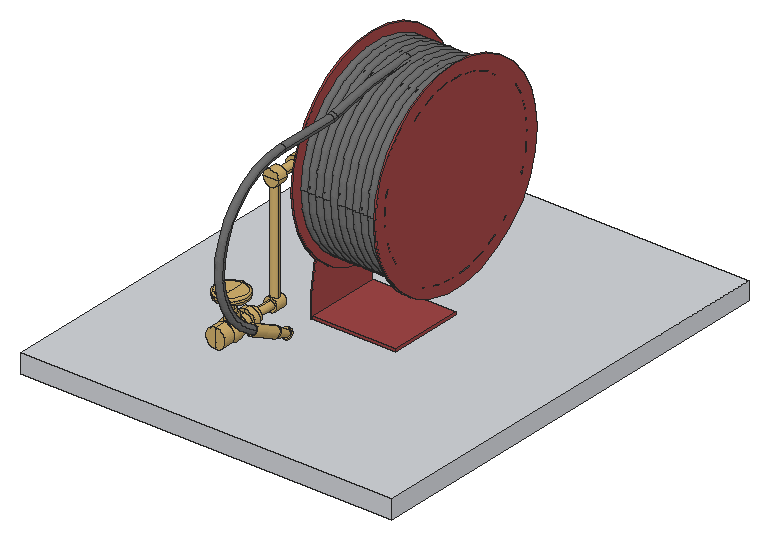
Revit family
Parameters (values of type "382663")
  URL = "www.galvinengineering.com.au"
  Type Comments = "382663"
  StyleOrType_ANZRS = "Fire Hose Reel"
  ModifiedIssue_ANZRS = 20120808.01  # constant formula
  Model = "382663"
  Manufacturer = "Galvin Engineering"
  Keynote = "10520"
  Instructions = "http://www.galvinengineering.com.au/Installation_Guides_1.aspx"
  FilterObject_ANZRS = "382663"
  EquipmentWeight(Kg) = 29.1  # constant formula
  DimWidth = 320 mm  # constant formula
  DimDiameter = 545 mm  # constant formula
  DimDepth = 590 mm  # constant formula
  Description = "G3 Swing Fire Hose Reel RH with Fixed Waterway 36 mtr"
  Default Elevation = 1500 mm
  CreatedBy_ANZRS = "Galvin Engineering"
  CreatedByURL_ANZRS = "www.galvinengineering.com.au"
  CreatedByPhoneNo_ANZRS = "61-8-92495900"
  Assembly Code = "D4030"
Types (3, lengths in mm): name | Type Comments | Model | FilterObject_ANZRS | Description
  (no name) | "382663" | "382663" | "382663" | "G3 Swing Fire Hose Reel RH with Fixed Waterway 36 mtr"
  382663 | "382663" | "382663" | "382663" | "G3 Swing Fire Hose Reel RH with Fixed Waterway 36 mtr"
  382739 | "382739" | "382739" | "382739" | "G4 Swing Fire Hose Reel LH with Fixed Waterway 36 mtr"
Reference planes
  plane 1 "Mounting Height": y = 0
  plane 2 "Face": z = 0
  plane 3 "Center (Left/Right)": x = 0
  plane 4 "Hose Left": x = -112.5
  plane 5 "Hose Right": x = 112.5
  plane 6 "Left": x = -207.5
  plane 7: z = 332.5
  plane 8: x = -167.5
  plane 9 "Hose Top": y = 272.5
  plane 10 "Hose Bottom": y = -272.5
  plane 11 "Front": z = 590
Forms (mm)
  Extrusion 1, solid
    sketch origin (0, 1030.8, 0) x (1, 0, 0) y (0, 1, 0)
      loop
        line (-500, -530.8) -> (-500, -1730.8) -> (500, -1730.8) -> (500, -530.8) -> (-500, -530.8)
    from 0 to -50
  Extrusion 2, solid, material "Metal_Fire-Fighting_Zincalume-Steel-Powder-Coated_15400"
    sketch origin (0, 0, 0) x (0, 1, 0) y (0, 0, 1)
      loop
        circle (0, 334.667) r 272.5
    from -112.5 to -108.5
  Extrusion 3, solid, material "Metal_Fire-Fighting_Zincalume-Steel-Powder-Coated_15400"
    sketch origin (0, 0, 0) x (0, 1, 0) y (0, 0, 1)
      loop
        circle (0, 334.667) r 272.5
    from 108.5 to 112.5
  Sweep 4, solid, material "Rubber_Fire-Fighting_Black_10800"
    path origin (0, 0, 0) x (0, 1, 0) y (0, 0, 1)
      loop
        circle (0, 334.667) r 240
    profile origin (0, 0, 574.667) x (0, 0, -1) y (1, 0, 0)
      loop
        circle (0, 0) r 10
  Sweep 5, solid, material "Rubber_Fire-Fighting_Black_10800"
    path origin (-20, 0, 0) x (0, 1, 0) y (0, 0, 1)
      loop
        arc (-64.936, 565.715) -> (32.775, 96.915) -> (0, 574.667) r 240
        arc (0, 574.667) -> (-123.809, 566.32) -> (-245.377, 541.429) r 922.364
        arc (-245.377, 541.429) -> (-251.511, 540.173) -> (-257.757, 539.752) r 46.536
        line (-257.757, 539.752) -> (-421.097, 539.752)
        arc (-421.097, 539.752) -> (-623.877, 381.446) -> (-519.507, 146.314) r 209.027
    profile origin (-20, 32.775, 96.915) x (0, -0.136563, 0.990631) y (1, 0, 0)
      loop
        circle (0, 0) r 10
  Sweep 6, solid, material "Rubber_Fire-Fighting_Black_10800"
    path origin (-40, 0, 0) x (0, 1, 0) y (0, 0, 1)
      loop
        circle (0, 334.667) r 240
    profile origin (-40, 0, 574.667) x (0, 0, -1) y (1, 0, 0)
      loop
        circle (0, 0) r 10
  Sweep 7, solid, material "Rubber_Fire-Fighting_Black_10800"
    path origin (-60, 0, 0) x (0, 1, 0) y (0, 0, 1)
      loop
        circle (0, 334.667) r 240
    profile origin (-60, 0, 574.667) x (0, 0, -1) y (1, 0, 0)
      loop
        circle (0, 0) r 10
  Sweep 8, solid, material "Rubber_Fire-Fighting_Black_10800"
    path origin (-80, 0, 0) x (0, 1, 0) y (0, 0, 1)
      loop
        circle (0, 334.667) r 240
    profile origin (-80, 0, 574.667) x (0, 0, -1) y (1, 0, 0)
      loop
        circle (0, 0) r 10
  Sweep 9, solid, material "Rubber_Fire-Fighting_Black_10800"
    path origin (-100, 0, 0) x (0, 1, 0) y (0, 0, 1)
      loop
        circle (0, 334.667) r 240
    profile origin (-100, 0, 574.667) x (0, 0, -1) y (1, 0, 0)
      loop
        circle (0, 0) r 10
  Sweep 10, solid, material "Rubber_Fire-Fighting_Black_10800"
    path origin (100, 0, 0) x (0, 1, 0) y (0, 0, 1)
      loop
        circle (0, 334.667) r 240
    profile origin (100, 0, 574.667) x (0, 0, -1) y (1, 0, 0)
      loop
        circle (0, 0) r 10
  Sweep 11, solid, material "Rubber_Fire-Fighting_Black_10800"
    path origin (80, 0, 0) x (0, 1, 0) y (0, 0, 1)
      loop
        circle (0, 334.667) r 240
    profile origin (80, 0, 574.667) x (0, 0, -1) y (1, 0, 0)
      loop
        circle (0, 0) r 10
  Sweep 12, solid, material "Rubber_Fire-Fighting_Black_10800"
    path origin (60, 0, 0) x (0, 1, 0) y (0, 0, 1)
      loop
        circle (0, 334.667) r 240
    profile origin (60, 0, 574.667) x (0, 0, -1) y (1, 0, 0)
      loop
        circle (0, 0) r 10
  Sweep 13, solid, material "Rubber_Fire-Fighting_Black_10800"
    path origin (40, 0, 0) x (0, 1, 0) y (0, 0, 1)
      loop
        circle (0, 334.667) r 240
    profile origin (40, 0, 574.667) x (0, 0, -1) y (1, 0, 0)
      loop
        circle (0, 0) r 10
  Sweep 14, solid, material "Rubber_Fire-Fighting_Black_10800"
    path origin (20, 0, 0) x (0, 1, 0) y (0, 0, 1)
      loop
        circle (0, 334.667) r 240
    profile origin (20, 0, 574.667) x (0, 0, -1) y (1, 0, 0)
      loop
        circle (0, 0) r 10
  Extrusion 15, solid, material "Metal_Fire-Fighting_Zincalume-Steel-Powder-Coated_15400"
    sketch origin (0, 0, 0) x (0, 1, 0) y (0, 0, 1)
      loop
        line (-187.728, 161.597) -> (-203.492, 59.962) -> (-203.492, 0) -> (0, 0) -> (0, 59.962) -> (-15.764, 161.597)
        arc (-15.764, 161.597) -> (-101.746, 247.579) -> (-187.728, 161.597) r 85.982
    from -112.5 to -115
  Extrusion 16, solid, material "Metal_Fire-Fighting_Zincalume-Steel-Powder-Coated_15400"
    sketch origin (0, 0, 0) x (0, 1, 0) y (0, 0, 1)
      loop
        line (-203.492, 8.146) -> (-203.492, 0) -> (0, 0) -> (0, 8.146) -> (-203.492, 8.146)
    from -112.5 to 112.5
  Revolve 17, solid, material "Metal_Fire-Fighting_Brass_15400"
    sketch origin (-187.792, 300.132, 121.748) x (0, 0, 1) y (0, 1, 0)
      loop
        line (-93.507, -733.52) -> (-93.507, -517.081) -> (-111.021, -517.081) -> (-111.021, -548.402) -> (-103.838, -548.402) -> (-103.838, -600.877) -> (-112.51, -600.877) -> (-112.51, -617.288) -> (-120.91, -617.288) -> (-120.91, -634.871) -> (-112.51, -634.871) -> (-112.51, -651.399) -> (-116.325, -656.004) -> (-116.325, -660.847)
        spline (-116.325, -660.847) -> (-117.888, -663.213) -> (-119.227, -666.026) -> (-120.308, -669.213) -> (-121.101, -672.688) -> (-121.585, -676.361) -> (-121.748, -680.132) -> (-121.585, -683.904) -> (-121.101, -687.576) -> (-120.308, -691.052) -> (-119.227, -694.238) -> (-117.888, -697.052) -> (-116.325, -699.418)
        line (-116.325, -699.418) -> (-116.325, -703.781) -> (-119.519, -703.781) -> (-119.519, -733.52) -> (-93.507, -733.52)
      axis (-93.507, -517.081) -> (-93.507, -733.52)
    angle from 0 to 360
  Revolve 18, solid, material "Metal_Fire-Fighting_Brass_15400"
    sketch origin (-187.792, 300.132, 121.748) x (0, 0, 1) y (0, 1, 0)
      loop
        line (-78.715, -663.201) -> (-78.715, -680) -> (1.056, -680) -> (1.056, -641.383)
        arc (1.056, -641.383) -> (-0.376, -637.927) -> (-3.832, -636.495) r 4.888
        line (-3.832, -636.495) -> (-9.768, -636.495)
        arc (-9.768, -636.495) -> (-13.224, -637.927) -> (-14.656, -641.383) r 4.888
        line (-14.656, -641.383) -> (-14.656, -654.124) -> (-21.751, -654.124) -> (-21.751, -674.085) -> (-42.739, -674.085) -> (-42.739, -668.713) -> (-51.673, -668.713) -> (-51.673, -663.201) -> (-78.715, -663.201)
      axis (-78.715, -680) -> (1.056, -680)
    angle from 0 to 360
  Sweep 19, solid, material "Metal_Fire-Fighting_Brass_15400"
    path origin (-192.092, 388.922, -50) x (1, 0, 0) y (0, 1, 0)
      loop
        line (79.592, -388.922) -> (35.852, -388.922)
        arc (35.852, -388.922) -> (12.8, -398.47) -> (3.252, -421.522) r 32.6
        line (3.252, -421.522) -> (3.252, -431.762)
    profile origin (-134.37, 0, -50) x (0, -1, 0) y (0, 0, 1)
      loop
        circle (0, 382.5) r 16.25
  Revolve 20, solid, material "Metal_Fire-Fighting_Brass_15400"
    sketch origin (-171.451, 536.788, 332.5) x (1, 0, 0) y (0, 1, 0)
      loop
        line (-16.341, -783.362) -> (-16.341, -579.629) -> (-36.657, -579.629) -> (-36.657, -707.261) -> (-27.025, -707.261) -> (-27.025, -756.644) -> (-37.208, -756.644) -> (-37.208, -783.362) -> (-16.341, -783.362)
      axis (-16.341, -579.629) -> (-16.341, -783.362)
    angle from 0 to 360
  Revolve 21, solid, material "Metal_Fire-Fighting_Brass_15400"
    sketch origin (-20, -751.623, 855.875) x (0, -0.889633, 0.456676) y (0, -0.456676, -0.889633)
      loop
        line (-530.537, 510.991) -> (-530.537, 525.247) -> (-663.049, 525.247) -> (-663.049, 512.027) -> (-660.07, 512.027) -> (-660.07, 517.129) -> (-619.632, 511.866) -> (-612.912, 511.866) -> (-612.912, 510.991) -> (-530.537, 510.991)
      axis (-530.537, 525.247) -> (-663.049, 525.247)
    angle from 0 to 360
  Extrusion 22, solid, material "Metal_Fire-Fighting_Brass_15400"
    sketch origin (0, -6.74, 0) x (1, 0, 0) y (0, 1, 0)
      loop
        circle (-187.792, -226.475) r 10.25
    from 28.24 to 332.5
Cuts and joins
  joined: Revolve 17, Revolve 18, Revolve 20, Extrusion 22
Lines and regions (mm)
  Split face 1
    outline origin (112.5, 0, 0) x (0, 1, 0) y (0, 0, 1)
      loop
        circle (0, 334.667) r 72.02
  Split face 2
    outline origin (-112.5, 0, 0) x (0, 1, 0) y (0, 0, -1)
      loop
        circle (0, -334.667) r 72.02
  symbolic lines, detail levels medium+fine
    curve 1: circle (0, 0, 334.667) r 255.333 normal (1, 0, 0)
    curve 8: circle (-188.014, -379.868, 121.748) r 29.627 normal (0, 0, 1)
    curve 9: line (0, -442.504, 115.942) -> (0, -515.787, 153.561)
    curve 10: line (0, -449.945, 101.448) -> (0, -523.228, 139.066)
    curve 11: circle (-188.014, -379.868, 121.748) r 5 normal (0, 0, 1)
  symbolic lines, detail levels fine
    curve 2: circle (0, -55.012, 429.951) r 6.11 normal (1, 0, 0)
    curve 3: circle (0, -110.025, 334.667) r 6.11 normal (1, 0, 0)
    curve 4: circle (0, -55.012, 239.382) r 6.11 normal (1, 0, 0)
    curve 5: circle (0, 55.012, 239.382) r 6.11 normal (1, 0, 0)
    curve 6: circle (0, 110.025, 334.667) r 6.11 normal (1, 0, 0)
    curve 7: circle (0, 55.012, 429.951) r 6.11 normal (1, 0, 0)
Dimensions and locks
  "DimWidth": plane 6 "Left" to plane 5 "Hose Right"
  locked: plane 8 to plane 5 "Hose Right" at 280
  "DimDiameter": plane 10 "Hose Bottom" to plane 9 "Hose Top"
  "DimDepth": plane 11 "Front" to plane 2 "Face"
  aligned and locked: plane 2 "Face" to Extrusion 1
  aligned and locked: Extrusion 1 to level
  aligned and locked: Extrusion 15 sketch curve to plane 2 "Face"
  aligned and locked: Extrusion 16 sketch curve to plane 2 "Face"
Automatic sketch dimensions
  curve 1 to plane 1 "Mounting Height" = 0 mm
  plane 1 "Mounting Height" to curve 2 = 55.012 mm
  plane 1 "Mounting Height" to curve 4 = 55.012 mm
  curve 3 to plane 7 = 2.167 mm
  plane 1 "Mounting Height" to curve 3 = 110.025 mm
  plane 10 "Hose Bottom" to curve 9 = 170.004 mm
  curve 10 to curve 9 = 7.441 mm  (x2)
  curve 9 to curve 9 = 73.283 mm
  curve 5 to plane 1 "Mounting Height" = 55.012 mm
  curve 7 to plane 1 "Mounting Height" = 55.012 mm
  curve 6 to plane 7 = 2.167 mm
  curve 1 to curve 6 = 110.025 mm
  plane 7 to curve 4 = 93.118 mm
  plane 7 to curve 5 = 93.118 mm
  level to curve 9 = 153.561 mm
  curve 10 to curve 9 = 14.495 mm  (x2)
  curve 9 to curve 9 = 37.618 mm
  curve 1 to plane 7 = 2.167 mm
  curve 2 to plane 7 = 97.451 mm
  curve 7 to plane 7 = 97.451 mm
  Extrusion 1 sketch curve to Extrusion 1 sketch curve = 1000 mm
  Extrusion 1 sketch curve to Extrusion 1 sketch curve = 1200 mm
  Extrusion 2 sketch curve to plane 1 "Mounting Height" = 0 mm
  Extrusion 2 sketch curve to plane 7 = 2.167 mm
  Extrusion 3 sketch curve to plane 1 "Mounting Height" = 0 mm
  Extrusion 3 sketch curve to plane 7 = 2.167 mm
  Sweep 4 sketch curve to plane 1 "Mounting Height" = 0 mm
  Sweep 4 sketch curve to plane 7 = 2.167 mm
  Sweep 4 sketch curve to plane 3 "Center (Left/Right)" = 0 mm
  Sweep 4 sketch curve to profile plane = 0 mm
  Sweep 5 sketch curve to plane 1 "Mounting Height" = 0 mm
  Sweep 5 sketch curve to plane 11 "Front" = 24.285 mm
  plane 1 "Mounting Height" to Sweep 5 sketch curve = 64.936 mm
  Sweep 5 sketch curve to plane 10 "Hose Bottom" = 27.123 mm
  Sweep 5 sketch curve to Sweep 5 sketch curve = 0 mm
  Sweep 5 sketch curve to Sweep 5 sketch curve = 12.38 mm
  plane 7 to Sweep 5 sketch curve = 1.775 mm
  plane 10 "Hose Bottom" to Sweep 5 sketch curve = 148.597 mm
  Sweep 5 sketch curve to Sweep 5 sketch curve = 98.41 mm
  level to Sweep 5 sketch curve = 146.314 mm
  Sweep 5 sketch curve to level = 347.697 mm
  Sweep 5 sketch curve to plane 7 = 2.167 mm
  Sweep 5 sketch curve to profile plane = 0 mm  (x2)
  Sweep 6 sketch curve to plane 1 "Mounting Height" = 0 mm
  Sweep 6 sketch curve to plane 7 = 2.167 mm
  Sweep 6 sketch curve to profile plane = 0 mm  (x2)
  Sweep 7 sketch curve to plane 1 "Mounting Height" = 0 mm
  Sweep 7 sketch curve to plane 7 = 2.167 mm
  Sweep 7 sketch curve to profile plane = 0 mm  (x2)
  Sweep 8 sketch curve to plane 1 "Mounting Height" = 0 mm
  Sweep 8 sketch curve to plane 7 = 2.167 mm
  Sweep 8 sketch curve to profile plane = 0 mm  (x2)
  Sweep 9 sketch curve to plane 1 "Mounting Height" = 0 mm
  Sweep 9 sketch curve to plane 7 = 2.167 mm
  Sweep 9 sketch curve to profile plane = 0 mm  (x2)
  Sweep 10 sketch curve to plane 1 "Mounting Height" = 0 mm
  Sweep 10 sketch curve to plane 7 = 2.167 mm
  Sweep 10 sketch curve to profile plane = 0 mm  (x2)
  Sweep 11 sketch curve to plane 1 "Mounting Height" = 0 mm
  Sweep 11 sketch curve to plane 7 = 2.167 mm
  Sweep 11 sketch curve to profile plane = 0 mm  (x2)
  Sweep 12 sketch curve to plane 1 "Mounting Height" = 0 mm
  Sweep 12 sketch curve to plane 7 = 2.167 mm
  Sweep 12 sketch curve to profile plane = 0 mm  (x2)
  Sweep 13 sketch curve to plane 1 "Mounting Height" = 0 mm
  Sweep 13 sketch curve to plane 7 = 2.167 mm
  Sweep 13 sketch curve to profile plane = 0 mm  (x2)
  Sweep 14 sketch curve to plane 1 "Mounting Height" = 0 mm
  Sweep 14 sketch curve to plane 7 = 2.167 mm
  Sweep 14 sketch curve to profile plane = 0 mm  (x2)
  Extrusion 15 sketch curve to plane 1 "Mounting Height" = 0 mm
  plane 1 "Mounting Height" to Extrusion 15 sketch curve = 15.764 mm
  Extrusion 15 sketch curve to Extrusion 15 sketch curve = 85.982 mm
  Extrusion 15 sketch curve to plane 10 "Hose Bottom" = 69.008 mm
  Extrusion 15 sketch curve to Extrusion 15 sketch curve = 59.962 mm  (x2)
  Extrusion 15 sketch curve to Extrusion 15 sketch curve = 101.635 mm
  Extrusion 16 sketch curve to plane 1 "Mounting Height" = 0 mm
  level to Extrusion 16 sketch curve = 8.146 mm
  Extrusion 16 sketch curve to plane 10 "Hose Bottom" = 69.008 mm
  level to Revolve 17 sketch curve = 0.838 mm
  level to Revolve 17 sketch curve = 2.229 mm
  level to Revolve 17 sketch curve = 5.423 mm
  Revolve 17 sketch curve to Revolve 17 sketch curve = 3.193 mm
  Revolve 17 sketch curve to Revolve 17 sketch curve = 8.399 mm
  Revolve 17 sketch curve to Revolve 17 sketch curve = 3.815 mm
  level to Revolve 17 sketch curve = 10.726 mm
  Revolve 17 sketch curve to Revolve 17 sketch curve = 3.079 mm
  Revolve 17 sketch curve to Revolve 17 sketch curve = 8.672 mm
  level to Revolve 17 sketch curve = 28.24 mm
  Revolve 17 sketch curve to Revolve 17 sketch curve = 0 mm
  plane 10 "Hose Bottom" to Revolve 17 sketch curve = 177.166 mm
  Revolve 17 sketch curve to Revolve 17 sketch curve = 16.278 mm
  Revolve 17 sketch curve to Revolve 17 sketch curve = 29.739 mm
  Revolve 17 sketch curve to Revolve 17 sketch curve = 1.246 mm
  Revolve 17 sketch curve to Revolve 17 sketch curve = 4.363 mm
  Revolve 17 sketch curve to Revolve 17 sketch curve = 19.286 mm
  Revolve 17 sketch curve to Revolve 17 sketch curve = 3.987 mm
  Revolve 17 sketch curve to Revolve 17 sketch curve = 4.843 mm
  Revolve 17 sketch curve to Revolve 17 sketch curve = 4.605 mm
  Revolve 17 sketch curve to Revolve 17 sketch curve = 16.528 mm
  Revolve 17 sketch curve to Revolve 17 sketch curve = 17.583 mm
  Revolve 17 sketch curve to Revolve 17 sketch curve = 16.411 mm
  Revolve 17 sketch curve to plane 10 "Hose Bottom" = 24.23 mm
  Revolve 17 sketch curve to Revolve 17 sketch curve = 31.321 mm
  level to Revolve 18 sketch curve = 43.032 mm
  Revolve 18 sketch curve to Revolve 18 sketch curve = 27.043 mm
  Revolve 18 sketch curve to Revolve 18 sketch curve = 8.934 mm
  Revolve 18 sketch curve to Revolve 18 sketch curve = 20.988 mm
  Revolve 18 sketch curve to Revolve 18 sketch curve = 7.096 mm  (x2)
  Revolve 18 sketch curve to Revolve 18 sketch curve = 4.888 mm  (x2)
  Revolve 18 sketch curve to Revolve 18 sketch curve = 5.936 mm
  Revolve 18 sketch curve to Revolve 18 sketch curve = 24.288 mm
  plane 10 "Hose Bottom" to Revolve 18 sketch curve = 107.368 mm
  Revolve 18 sketch curve to Revolve 18 sketch curve = 0 mm
  Revolve 18 sketch curve to Revolve 18 sketch curve = 5.915 mm
  Revolve 18 sketch curve to Revolve 18 sketch curve = 5.372 mm
  Revolve 18 sketch curve to Revolve 18 sketch curve = 5.512 mm
  Revolve 18 sketch curve to Revolve 18 sketch curve = 19.962 mm
  Revolve 18 sketch curve to Revolve 18 sketch curve = 12.741 mm
  plane 1 "Mounting Height" to Sweep 19 sketch curve = 0 mm
  Sweep 19 sketch curve to plane 4 "Hose Left" = 0 mm
  plane 8 to Sweep 19 sketch curve = 11.26 mm
  Sweep 19 sketch curve to plane 6 "Left" = 18.66 mm
  Sweep 19 sketch curve to Sweep 19 sketch curve = 10.241 mm
  Sweep 19 sketch curve to profile plane = 0 mm
  profile plane to Sweep 19 sketch curve = 382.5 mm
  plane 6 "Left" to Revolve 20 sketch curve = 1.158 mm
  plane 6 "Left" to Revolve 20 sketch curve = 0.608 mm
  Revolve 20 sketch curve to plane 6 "Left" = 9.025 mm
  Revolve 20 sketch curve to plane 6 "Left" = 19.708 mm
  Revolve 20 sketch curve to Revolve 20 sketch curve = 10.684 mm
  Revolve 20 sketch curve to plane 10 "Hose Bottom" = 14.246 mm
  Revolve 20 sketch curve to Revolve 20 sketch curve = 11.681 mm
  Revolve 20 sketch curve to Revolve 20 sketch curve = 26.718 mm
  Revolve 20 sketch curve to Revolve 20 sketch curve = 8.865 mm
  Revolve 20 sketch curve to Revolve 20 sketch curve = 40.517 mm
  plane 1 "Mounting Height" to Revolve 20 sketch curve = 42.841 mm
  level to Revolve 21 sketch curve = 76.728 mm
  plane 10 "Hose Bottom" to Revolve 21 sketch curve = 111.45 mm
  Revolve 21 sketch curve to Revolve 21 sketch curve = 19.862 mm
  Revolve 21 sketch curve to Revolve 21 sketch curve = 2.98 mm
  Revolve 21 sketch curve to Revolve 21 sketch curve = 40.437 mm
  Revolve 21 sketch curve to Revolve 21 sketch curve = 6.721 mm
  Revolve 21 sketch curve to Revolve 21 sketch curve = 0 mm  (x2)
  Revolve 21 sketch curve to Revolve 21 sketch curve = 82.374 mm
  Revolve 21 sketch curve to Revolve 21 sketch curve = 8.118 mm
  Revolve 21 sketch curve to Revolve 21 sketch curve = 5.102 mm
  Revolve 21 sketch curve to Revolve 21 sketch curve = 13.381 mm
  Revolve 21 sketch curve to Revolve 21 sketch curve = 0.875 mm
  Extrusion 22 sketch curve to plane 6 "Left" = 19.708 mm
  Extrusion 22 sketch curve to plane 10 "Hose Bottom" = 39.285 mm
  curve 8 to plane 6 "Left" = 19.486 mm
  plane 10 "Hose Bottom" to curve 8 = 107.368 mm
  curve 8 to curve 11 = 0 mm  (x2)
  radius of curve 1 = 255.333 mm
  radius of curve 2 = 6.11 mm
  radius of curve 3 = 6.11 mm
  radius of curve 4 = 6.11 mm
  radius of curve 5 = 6.11 mm
  radius of curve 6 = 6.11 mm
  radius of curve 7 = 6.11 mm
  radius of Extrusion 2 sketch curve = 272.5 mm
  radius of Extrusion 3 sketch curve = 272.5 mm
  radius of Sweep 4 sketch curve = 240 mm
  radius of Sweep 4 sketch curve = 10 mm
  radius of Sweep 5 sketch curve = 10 mm
  radius of Sweep 6 sketch curve = 240 mm
  radius of Sweep 6 sketch curve = 10 mm
  radius of Sweep 7 sketch curve = 240 mm
  radius of Sweep 7 sketch curve = 10 mm
  radius of Sweep 8 sketch curve = 240 mm
  radius of Sweep 8 sketch curve = 10 mm
  radius of Sweep 9 sketch curve = 240 mm
  radius of Sweep 9 sketch curve = 10 mm
  radius of Sweep 10 sketch curve = 240 mm
  radius of Sweep 10 sketch curve = 10 mm
  radius of Sweep 11 sketch curve = 240 mm
  radius of Sweep 11 sketch curve = 10 mm
  radius of Sweep 12 sketch curve = 240 mm
  radius of Sweep 12 sketch curve = 10 mm
  radius of Sweep 13 sketch curve = 240 mm
  radius of Sweep 13 sketch curve = 10 mm
  radius of Sweep 14 sketch curve = 240 mm
  radius of Sweep 14 sketch curve = 10 mm
  radius of Sweep 19 sketch curve = 16.25 mm
  radius of Split face 1 sketch curve to Extrusion 3 = 200.48 mm
  radius of Split face 2 sketch curve to Extrusion 2 = 200.48 mm
  radius of Extrusion 22 sketch curve = 10.25 mm
  radius of curve 8 = 29.627 mm
  radius of curve 11 = 5 mm
